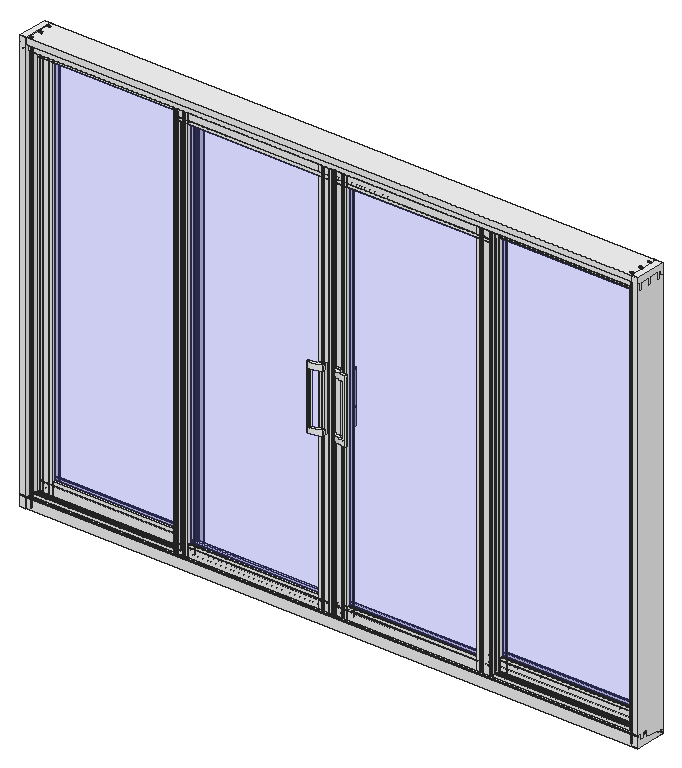
Revit family "Patio-Door_650_4-Light_OXXO_Novatech", category Doors, host Wall, Revit 2026
Family settings
  Host = Wall
  Classification Number = 23.30.10.00
  Always vertical = Yes
  Cut with Voids When Loaded = No
  Shared = No
  Room Calculation Point = No
Parameters (values of type "116 7/16"W X 79 1/2"H")
  Width Sash X = (Width / 4) + 5/8"  # 29 47/64"
  Width Sash O = (Width / 4) + 5/8"  # 29 47/64"
  Specification = "https://www.arcat.com/company/novatech-group-51586/spec"
  Product Page URL = "https://www.arcat.com/arcatcos/cos51/arc51586.html"
  Model_Sash to Reference Line = (Width - 2 37/128") / 4  # 28.53711"
  View Handle = yes
  URL = "https://www.groupenovatech.com/en_united_states/products/patio‐doors/650.html"
  Thickness = 5.75039"
  Rough Width = Width + 1/2"  # 116 15/16"
  Rough Height = Height + 1/2"  # 80"
  Panel Material = Glass
  Model = "650"
  Manufacturer = "Novatech"
  Look Handle = yes
  Keynote = "08 32 00"
  Height Sash X = Height - 3 37/64"  # 75 59/64"
  Height Sash O = Height - 3 37/64"  # 75 59/64"
  Hardware Material = Aluminum
  Handle Height = 38"
  Function = Interior
  Height = 79 1/2"
  Wall Closure = By host
  Width = 116 7/16"
  Frame Material = Aluminum
  Define Thermal Properties by = Schematic Type
  Copyright = "ARCAT"
  CAD Details = "https://www.arcat.com/company/novatech-group-51586/cad"
  Analytic Construction = "<None>"
Reference planes (in)
  plane 1 "Center (Front/Back)": y = 0
  plane 2 "Center (Left/Right)": x = 0
  plane 3 "Left": x = -58.21875
  plane 4 "Right": x = 58.21875
  plane 5 "Top": z = 79.5
  plane 6 "Exterior": y = 3
  plane 7 "Interior": y = -3
  plane 8: x = -57.07308
  plane 9: z = 1.62567
  plane 10: z = 77.54754
  plane 11: x = 57.07304
  plane 12: z = 38
  plane 13: x = -28.53711
  plane 14: x = 28.53593
  plane 15 "Panel 1": y = -1.32419
  plane 16 "Panel 2": y = 0.83998
Text (in)
  text "Exterior" at (-116.49188, 10.64061, 0), in view "Ref. Level"
  text "Interior" at (-116.49188, -4.95507, 0), in view "Ref. Level"
  text "Exterior" at (0, 40.15149, 123.01588), in view "Right"
  text "Interior" at (0, -64.39139, 123.01588), in view "Right"
  text "Interior" at (0, -31.01599, 123.00693), in view "Left"
  text "Exterior" at (0, 54.57065, 123.00693), in view "Left"
Dimensions and locks (in)
  "Model_Sash to Reference Line": plane 13 to plane 2 "Center (Left/Right)"
  "Model_Sash to Reference Line": plane 14 to plane 11
  locked: plane 3 "Left" to plane 8 at 1.14567
  locked: plane 11 to plane 4 "Right" at 1.14571
  "Height": plane 5 "Top" to level
  "Handle Height": plane 12 to level
  "Width": plane 3 "Left" to plane 4 "Right"
  equal spacing: plane 3 "Left", plane 2 "Center (Left/Right)", plane 4 "Right"
  "Height Sash O": plane 10 to plane 9
  locked: nested 9 to plane 2 "Center (Left/Right)" at 1.56964
  locked: plane 2 "Center (Left/Right)" to nested 3 at 1.48214
  locked: nested 8 to plane 2 "Center (Left/Right)" at 1.56964
  locked: plane 2 "Center (Left/Right)" to nested 2 at 1.48214
  locked: plane 15 "Panel 1" to nested 2 at 0.7697
  locked: nested 3 to plane 15 "Panel 1" at 0.88778
  locked: nested 9 to plane 15 "Panel 1" at 0.88778
  locked: plane 15 "Panel 1" to nested 8 at 0.7697
  locked: plane 7 "Interior" to plane 15 "Panel 1" at 1.67581
  locked: plane 7 "Interior" to plane 16 "Panel 2" at 3.83998
  locked: plane 9 to level at 1.62567
  aligned and locked: plane 6 "Exterior" to host wall
  aligned and locked: plane 7 "Interior" to host wall
  aligned and locked: nested 4 to plane 16 "Panel 2"
  aligned and locked: nested 7 to plane 16 "Panel 2"
  aligned and locked: nested 6 to plane 15 "Panel 1"
  aligned and locked: plane 2 "Center (Left/Right)" to nested 6
  aligned and locked: nested 5 to plane 15 "Panel 1"
  aligned and locked: nested 1 to plane 2 "Center (Left/Right)"
  aligned and locked: nested 5 to plane 2 "Center (Left/Right)"
  aligned and locked: nested 4 to plane 13
  aligned and locked: nested 5 to plane 13
  aligned and locked: nested 7 to plane 14
  aligned and locked: plane 14 to nested 6
  aligned and locked: plane 11 to nested 1
  aligned and locked: nested 1 to plane 8
  aligned and locked: plane 9 to nested 4
  aligned and locked: plane 9 to nested 5
  aligned and locked: plane 9 to nested 6
  aligned and locked: plane 9 to nested 7
  aligned and locked: nested 9 to plane 12
  aligned and locked: plane 12 to nested 3
  aligned and locked: plane 12 to nested 2
  aligned and locked: nested 8 to plane 12
Nested families (in)
  nested 1: "NOVATECH 650_4 LIGHT_DOOR FRAME" at (0, 0, 0) x (-1, 0, 0) z (0, 0, 1), type "DOOR FRAME"
    with Height 79 1/2", Width 116 7/16"
  nested 2: "NOVATECH 650_4 LIGHT_LOOK HANDLE" at (-1.48214, -2.21198, 32) x (-1, 0, 0) z (0, 0, 1), visible <- "Look Handle", type "LOOK HANDLE"
  nested 3: "NOVATECH 650_4 LIGHT_VIEW HANDLE" at (-1.48214, -2.21198, 32) x (-1, 0, 0) z (0, 0, 1), visible <- "View Handle", type "VIEW HANDLE"
  nested 4: "NOVATECH 650_4 LIGHT_SASH_O_RIGHT" at (-42.80566, 1.61149, 1.62567) x (-1, 0, 0) z (0, 0, 1), type "SASH_O_RIGHT"
    with Width 28.53711", Height 75 59/64"
  nested 5: "NOVATECH 650_4 LIGHT_SASH_X_RIGHT" at (-14.26855, -0.5545, 1.62567) x (-1, 0, 0) z (0, 0, 1), type "SASH_X_RIGHT"
    with Width 28.53711", Height 75 59/64"
  nested 6: "NOVATECH 650_4 LIGHT_SASH_X_LEFT" at (14.26855, -0.5545, 1.62567) x (-1, 0, 0) z (0, 0, 1), type "SASH_X_LEFT"
    with Height 75 59/64"
  nested 7: "NOVATECH 650_4 LIGHT_SASH_O_LEFT" at (42.80449, 1.60966, 1.6247) x (-1, 0, 0) z (0, 0, 1), type "SASH_O_LEFT"
    with Height 75 59/64"
  nested 8: "NOVATECH 650_4 LIGHT_LOOK HANDLE" at (1.56964, -2.21198, 32), visible <- "Look Handle", type "LOOK HANDLE"
  nested 9: "NOVATECH 650_4 LIGHT_VIEW HANDLE" at (1.56964, -2.21198, 32), visible <- "View Handle", type "VIEW HANDLE"
Definition of nested family "NOVATECH 650_4 LIGHT_DOOR FRAME"
  Parameters (values of type "NOVATECH 650_2 LIGHT_DOOR FRAME")
    Function = (empty or 0)
    Height = 95 1/2"
    Wall Closure = (empty or 0)
    Width = 95 1/2"
    Frame Thickness = 5.75039"
    Frame Material = none
    Define Thermal Properties by = 1
    Analytic Construction = "<None>"
  Reference planes (in)
    plane 1 "Center (Front/Back)": y = 0
    plane 2 "Center (Left/Right)": x = 0
    plane 3 "Left": x = -47.75
    plane 4 "Right": x = 47.75
    plane 5 "Top": z = 95.5
    plane 6 "Exterior": y = 4
    plane 7 "Interior": y = -4
    plane 8: y = -1.75039
  Lines and regions (in)
    Opening 1
      outline origin (-90, -4, 0) x (1, 0, 0) y (0, 0, 1)
        loop
          line (42.25, 0) -> (137.75, 0) -> (137.75, 95.5) -> (42.25, 95.5) -> (42.25, 0)
  Text (in)
    text "Exterior" at (-74.96733, 27.31104, 0), in view "Ref. Level"
    text "Interior" at (-74.96733, -25.14366, 0), in view "Ref. Level"
    text "Exterior" at (0, 40.15149, 123.01588), in view "Right"
    text "Interior" at (0, -64.39139, 123.01588), in view "Right"
    text "Interior" at (0, -31.01599, 123.00693), in view "Left"
    text "Exterior" at (0, 54.57065, 123.00693), in view "Left"
  Dimensions and locks (in)
    equal spacing: plane 3 "Left", plane 2 "Center (Left/Right)", plane 4 "Right"
    "Height": level to plane 5 "Top"
    "Width": plane 3 "Left" to plane 4 "Right"
    "Frame Thickness": plane 6 "Exterior" to plane 8
    aligned and locked: plane 3 "Left" to Opening 1 sketch curve
    aligned and locked: plane 5 "Top" to Opening 1 sketch curve  (x2)
    aligned and locked: Opening 1 sketch curve to plane 4 "Right"
    aligned and locked: Opening 1 sketch curve to level
    aligned and locked: plane 6 "Exterior" to host wall
    aligned and locked: plane 7 "Interior" to host wall
    aligned and locked: nested 1 to plane 3 "Left"
    aligned and locked: plane 4 "Right" to nested 1
    aligned and locked: nested 1 to plane 5 "Top"
    aligned and locked: level to nested 2
    aligned and locked: nested 2 to plane 3 "Left"
    aligned and locked: nested 2 to plane 4 "Right"
    aligned and locked: nested 2 to plane 6 "Exterior"
    aligned and locked: nested 1 to plane 6 "Exterior"
    aligned and locked: nested 3 to plane 6 "Exterior"
    aligned and locked: plane 3 "Left" to nested 3
    aligned and locked: nested 4 to plane 4 "Right"
    aligned and locked: plane 6 "Exterior" to nested 4
    aligned and locked: nested 4 to plane 8
    aligned and locked: plane 5 "Top" to nested 3
  Nested families (in)
    nested 1: "HEADER PROFILE" at (-47.75, -1.5627, 95.5), type "HEADER PROFILE"
      with Length 95 1/2"
    nested 2: "NOVATECH_650_2 LIGHT_SILL PROFILE" at (47.75, 4, 0) x (-1, 0, 0) z (0, 0, 1), type "SILL PROFILE"
      with built-in parameter 1001306 7.9583 (stored number, unit not read)
    nested 3: "NOVATECH 650_3 LIGHT_OXO_DOOR FRAME_LEFT" at (-47.75, 4, 0) x (0, -1, 0) z (0, 0, 1), type "NOVATECH 650_3 LIGHT_OXO_DOOR FRAME_LEFT"
      with Length 95 1/2"
    nested 4: "NOVATECH 650_2 LIGHT_DOOR FRAME_RIGHT" at (47.75, -1.75039, 0) x (0, 1, 0) z (0, 0, 1), type "NOVATECH 650_2 LIGHT_DOOR FRAME_RIGHT"
      with Length 95 1/2"
  Definition of nested family "HEADER PROFILE"
    Parameters (values of type "HEADER PROFILE")
      Length [instance] = 12"
      Frame Material = none
      Default Elevation = 0"
    Reference planes (in)
      plane 1 "Center (Front/Back)": y = -0.1877
      plane 2: z = 0
      plane 3 "Center (Left/Right)": x = 0
      plane 4: x = 12
    Forms (in)
      Extrusion 1, solid, material <- "Frame Material"
        sketch origin (0, 0, -4.50465) x (0, 1, 0) y (0, 0, 1)
          loop
            line (-0.1877, 2.64577) -> (-0.1227, 2.64577) -> (-0.1227, 3.35855) -> (0.17174, 3.35855) -> (0.17174, 2.85417) -> (0.24654, 2.85417) -> (0.24654, 3.35812) -> (0.69327, 3.35812) -> (0.69327, 2.27623)
            arc (0.69327, 2.27623) -> (0.71084, 2.2338) -> (0.75327, 2.21623) r 0.05999
            line (0.75327, 2.21623) -> (0.81426, 2.21623)
            arc (0.81426, 2.21623) -> (0.85668, 2.2338) -> (0.87425, 2.27623) r 0.05999
            line (0.87425, 2.27623) -> (0.87425, 2.33045) -> (0.82326, 2.33045) -> (0.82326, 2.26741) -> (0.76397, 2.26741)
            arc (0.76397, 2.26741) -> (0.7435, 2.28574) -> (0.75945, 2.30811) r 0.0206
            arc (0.75945, 2.30811) -> (0.77351, 2.33045) -> (0.75945, 2.35279) r 0.02478
            arc (0.75945, 2.35279) -> (0.74204, 2.37568) -> (0.75945, 2.39858) r 0.02376
            arc (0.75945, 2.39858) -> (0.77416, 2.42092) -> (0.75945, 2.44326) r 0.02431
            arc (0.75945, 2.44326) -> (0.74436, 2.46618) -> (0.75945, 2.48909) r 0.02495
            arc (0.75945, 2.48909) -> (0.77428, 2.51161) -> (0.75945, 2.53412) r 0.0245
            arc (0.75945, 2.53412) -> (0.7438, 2.55427) -> (0.75945, 2.57443) r 0.0208
            line (0.75945, 2.57443) -> (0.82326, 2.57443) -> (0.82326, 2.51143) -> (0.87425, 2.51143) -> (0.87425, 2.58509)
            arc (0.87425, 2.58509) -> (0.85916, 2.59996) -> (0.87425, 2.61483) r 0.01487
            line (0.87425, 2.61483) -> (0.87425, 3.35812) -> (2.68608, 3.35812) -> (2.68608, 2.61483)
            arc (2.68608, 2.61483) -> (2.70117, 2.59996) -> (2.68608, 2.58509) r 0.01487
            line (2.68608, 2.58509) -> (2.68608, 2.51148) -> (2.73707, 2.51148) -> (2.73707, 2.57447) -> (2.78807, 2.57447) -> (2.78807, 2.26741) -> (2.73707, 2.26741) -> (2.73707, 2.3304) -> (2.68608, 2.3304) -> (2.68608, 2.27623)
            arc (2.68608, 2.27623) -> (2.70365, 2.2338) -> (2.74607, 2.21623) r 0.05999
            line (2.74607, 2.21623) -> (2.98005, 2.21623)
            arc (2.98005, 2.21623) -> (3.02247, 2.2338) -> (3.04004, 2.27623) r 0.05999
            line (3.04004, 2.27623) -> (3.04004, 2.3304) -> (2.98905, 2.3304) -> (2.98905, 2.26741) -> (2.93805, 2.26741) -> (2.93805, 2.57447) -> (2.98905, 2.57447) -> (2.98905, 2.51148) -> (3.04004, 2.51148) -> (3.04004, 2.58509)
            arc (3.04004, 2.58509) -> (3.02495, 2.59996) -> (3.04004, 2.61483) r 0.01487
            line (3.04004, 2.61483) -> (3.04004, 3.35812) -> (4.85186, 3.35812) -> (4.85186, 2.61483)
            arc (4.85186, 2.61483) -> (4.86695, 2.59996) -> (4.85186, 2.58509) r 0.01487
            line (4.85186, 2.58509) -> (4.85186, 2.51148) -> (4.90286, 2.51148) -> (4.90286, 2.57447) -> (4.95385, 2.57447) -> (4.95385, 2.26741) -> (4.90286, 2.26741) -> (4.90286, 2.3304) -> (4.85186, 2.3304) -> (4.85186, 2.27623)
            arc (4.85186, 2.27623) -> (4.86943, 2.2338) -> (4.91186, 2.21623) r 0.05999
            line (4.91186, 2.21623) -> (5.09184, 2.21623)
            arc (5.09184, 2.21623) -> (5.12012, 2.22795) -> (5.13184, 2.25623) r 0.04
            line (5.13184, 2.25623) -> (5.13184, 3.35812) -> (5.5627, 3.35812) -> (5.5627, 4.50465) -> (-0.1877, 4.50465) -> (-0.1877, 2.64577)
        from 0 to 12
    Dimensions and locks (in)
      "Length": plane 3 "Center (Left/Right)" to plane 4
      aligned and locked: plane 2 to level
      aligned and locked: Extrusion 1 to plane 4
      aligned and locked: Extrusion 1 to plane 3 "Center (Left/Right)"
    Automatic sketch dimensions
      Extrusion 1 sketch curve to plane 1 "Center (Front/Back)" = 0"
      Extrusion 1 sketch curve to plane 1 "Center (Front/Back)" = 0.06499"  (x2)
      Extrusion 1 sketch curve to Extrusion 1 sketch curve = 0.29444"
      Extrusion 1 sketch curve to plane 1 "Center (Front/Back)" = 0.35944"
      Extrusion 1 sketch curve to Extrusion 1 sketch curve = 0.0748"  (x2)
      Extrusion 1 sketch curve to Extrusion 1 sketch curve = 0.44674"
      Extrusion 1 sketch curve to Extrusion 1 sketch curve = 0.05545"
      Extrusion 1 sketch curve to Extrusion 1 sketch curve = 0.00105"
      Extrusion 1 sketch curve to Extrusion 1 sketch curve = 0.00112"
      Extrusion 1 sketch curve to Extrusion 1 sketch curve = 0.00454"
      Extrusion 1 sketch curve to Extrusion 1 sketch curve = 0"  (x16)
      Extrusion 1 sketch curve to Extrusion 1 sketch curve = 0.00968"  (x2)
      Extrusion 1 sketch curve to Extrusion 1 sketch curve = 0.01071"
      Extrusion 1 sketch curve to Extrusion 1 sketch curve = 0.00515"  (x2)
      Extrusion 1 sketch curve to Extrusion 1 sketch curve = 0.01595"
      Extrusion 1 sketch curve to Extrusion 1 sketch curve = 0.01945"
      Extrusion 1 sketch curve to Extrusion 1 sketch curve = 0.05029"
      Extrusion 1 sketch curve to Extrusion 1 sketch curve = 0.009"  (x6)
      Extrusion 1 sketch curve to Extrusion 1 sketch curve = 0.05865"
      Extrusion 1 sketch curve to Extrusion 1 sketch curve = 13/256"  (x2)
      Extrusion 1 sketch curve to Extrusion 1 sketch curve = 0.05099"  (x11)
      Extrusion 1 sketch curve to Extrusion 1 sketch curve = 0.18098"
      Extrusion 1 sketch curve to Extrusion 1 sketch curve = 0.00022"  (x5)
      Extrusion 1 sketch curve to Extrusion 1 sketch curve = 1.81182"  (x2)
      Extrusion 1 sketch curve to Extrusion 1 sketch curve = 0.042"  (x4)
      Extrusion 1 sketch curve to Extrusion 1 sketch curve = 0.14999"  (x2)
      Extrusion 1 sketch curve to Extrusion 1 sketch curve = 0.35397"
      Extrusion 1 sketch curve to level = 1.88982"
      Extrusion 1 sketch curve to level = 2.22842"
      Extrusion 1 sketch curve to level = 2.17425"
      Extrusion 1 sketch curve to Extrusion 1 sketch curve = 0.13799"
      Extrusion 1 sketch curve to level = 1.14653"
      Extrusion 1 sketch curve to Extrusion 1 sketch curve = 0.27997"
      Extrusion 1 sketch curve to level = 2.24842"
      Extrusion 1 sketch curve to Extrusion 1 sketch curve = 0.04"
      Extrusion 1 sketch curve to Extrusion 1 sketch curve = 0.43086"
      Extrusion 1 sketch curve to Extrusion 1 sketch curve = 0.39859"
      Extrusion 1 sketch curve to Extrusion 1 sketch curve = 0.05999"
      Extrusion 1 sketch curve to Extrusion 1 sketch curve = 0.00881"  (x5)
      Extrusion 1 sketch curve to Extrusion 1 sketch curve = 0.01179"
      Extrusion 1 sketch curve to Extrusion 1 sketch curve = 0.05417"  (x2)
      Extrusion 1 sketch curve to Extrusion 1 sketch curve = 0.05422"
      Extrusion 1 sketch curve to Extrusion 1 sketch curve = 0.04244"
      Extrusion 1 sketch curve to Extrusion 1 sketch curve = 0.04523"  (x2)
      Extrusion 1 sketch curve to Extrusion 1 sketch curve = 0.04526"  (x2)
      Extrusion 1 sketch curve to Extrusion 1 sketch curve = 0.10334"
      Extrusion 1 sketch curve to Extrusion 1 sketch curve = 0.18108"  (x2)
      Extrusion 1 sketch curve to Extrusion 1 sketch curve = 0.04543"
      Extrusion 1 sketch curve to Extrusion 1 sketch curve = 0.04267"
      Extrusion 1 sketch curve to Extrusion 1 sketch curve = 0.02015"
      Extrusion 1 sketch curve to Extrusion 1 sketch curve = 0.06299"  (x3)
      Extrusion 1 sketch curve to Extrusion 1 sketch curve = 0.01062"  (x2)
      Extrusion 1 sketch curve to Extrusion 1 sketch curve = 0.02974"
      Extrusion 1 sketch curve to Extrusion 1 sketch curve = 0.01067"
      Extrusion 1 sketch curve to Extrusion 1 sketch curve = 0.01487"  (x3)
      Extrusion 1 sketch curve to Extrusion 1 sketch curve = 0.13416"
      Extrusion 1 sketch curve to Extrusion 1 sketch curve = 0.2084"
      Extrusion 1 sketch curve to Extrusion 1 sketch curve = 0.50395"
      Extrusion 1 sketch curve to Extrusion 1 sketch curve = 0.00043"
      Extrusion 1 sketch curve to Extrusion 1 sketch curve = 0.00635"  (x2)
      Extrusion 1 sketch curve to Extrusion 1 sketch curve = 0.0096"
      Extrusion 1 sketch curve to level = 0"
  Definition of nested family "NOVATECH_650_2 LIGHT_SILL PROFILE"
    Parameters (values of type "SILL PROFILE")
      built-in parameter 1001306 [instance] = 54"
      Frame Material = none
      Default Elevation = 0"
    Reference planes (in)
      plane 1 "Center (Front/Back)": y = 0
      plane 2: z = 0
      plane 3 "Left": x = 0
      plane 4 "Right": x = 54
    Forms (in)
      Extrusion 1, solid, material <- "Frame Material"
        sketch origin (0, 0, 0) x (0, 1, 0) y (0, 0, 1)
          loop
            line (-0.51031, 2.05107) -> (-0.51031, 1.25894)
            arc (-0.51031, 1.25894) -> (-0.51921, 1.23699) -> (-0.54088, 1.22746) r 0.0315
            line (-0.54088, 1.22746) -> (-1.30415, 1.20521) -> (-1.30415, 2.04337) -> (-1.3792, 2.04337) -> (-1.3792, 1.97638) -> (-1.57715, 1.97638) -> (-1.57715, 1.8474) -> (-1.52433, 1.8474) -> (-1.59223, 1.71259) -> (-1.64605, 1.71259) -> (-1.71395, 1.8474) -> (-1.66114, 1.8474) -> (-1.66114, 1.97638) -> (-1.85908, 1.97638) -> (-1.85908, 2.04337) -> (-1.93407, 2.04337) -> (-1.93407, 1.62567) -> (-1.85533, 1.69843) -> (-1.85533, 1.18737) -> (-3.44062, 0.97537) -> (-3.45769, 0.94258) -> (-3.54406, 0.94258) -> (-3.5602, 0.96937) -> (-4.50972, 0.81773) -> (-4.50079, 0.76177) -> (-4.44239, 0.7718) -> (-4.43207, 0.70721) -> (-5.49309, 0.52501) -> (-5.48367, 0.46549) -> (-5.45069, 0.44053) -> (-5.42753, 0.29944) -> (-5.61415, 0.29941) -> (-5.61415, 0.41369) -> (-5.58012, 0.44773) -> (-5.58978, 0.50872) -> (-5.67335, 0.49538) -> (-5.67335, 0) -> (0, 0) -> (0, 1.954) -> (0, 2.05107)
            arc (0, 2.05107) -> (-0.00923, 2.07334) -> (-0.0315, 2.08257) r 0.0315
            line (-0.0315, 2.08257) -> (-0.47881, 2.08257)
            arc (-0.47881, 2.08257) -> (-0.50108, 2.07334) -> (-0.51031, 2.05107) r 0.0315
          loop
            line (-1.39867, 1.98468) -> (-1.39867, 2.04331) -> (-1.52465, 2.04331) -> (-1.52465, 2.1063)
            arc (-1.52465, 2.1063) -> (-1.61914, 2.20079) -> (-1.71363, 2.1063) r 0.09449
            line (-1.71363, 2.1063) -> (-1.71363, 2.04331) -> (-1.83961, 2.04331) -> (-1.83961, 1.98468) -> (-1.65261, 1.98468) -> (-1.65261, 1.83771) -> (-1.68363, 1.83771) -> (-1.64626, 1.77444)
            arc (-1.64626, 1.77444) -> (-1.61914, 1.75897) -> (-1.59202, 1.77444) r 0.0315
            line (-1.59202, 1.77444) -> (-1.55465, 1.83771) -> (-1.58568, 1.83771) -> (-1.58568, 1.98468) -> (-1.39867, 1.98468)
          loop
            line (-5.75032, 0.29541) -> (-5.69142, 0.29541) -> (-5.68546, 0.5099) -> (-5.5794, 0.52278) -> (-5.5685, 0.41744) -> (-5.60091, 0.41231) -> (-5.55069, 0.35685)
            arc (-5.55069, 0.35685) -> (-5.52103, 0.34524) -> (-5.49641, 0.36544) r 0.0315
            line (-5.49641, 0.36544) -> (-5.46793, 0.4316) -> (-5.4987, 0.42842) -> (-5.51008, 0.53771) -> (-4.44588, 0.72014) -> (-4.4527, 0.76282) -> (-4.64502, 0.72942) -> (-4.64018, 0.81948)
            arc (-4.64018, 0.81948) -> (-4.61638, 0.82255) -> (-4.61323, 0.84634) r 0.01969
            line (-4.61323, 0.84634) -> (-4.63028, 0.87587) -> (-4.70331, 0.87587) -> (-4.70331, 0.71953) -> (-5.32867, 0.61294) -> (-5.32867, 0.78116)
            arc (-5.32867, 0.78116) -> (-5.3584, 0.81088) -> (-5.38812, 0.78116) r 0.02972
            line (-5.38812, 0.78116) -> (-5.39303, 0.60235) -> (-5.75032, 0.54145) -> (-5.75032, 0.29541)
        from 0 to 54
    Lines and regions (in)
      reference lines
        curve 1: line (0, 0, 0) -> (54, 0, 0)
    Dimensions and locks (in)
      "built-in parameter 1001306": plane 3 "Left" to plane 4 "Right"
      aligned and locked: plane 4 "Right" to curve 1
      aligned and locked: plane 1 "Center (Front/Back)" to curve 1
      aligned and locked: plane 3 "Left" to curve 1
      aligned and locked: level to plane 2
      aligned and locked: Extrusion 1 to curve 1
      aligned and locked: Extrusion 1 to plane 3 "Left"
    Automatic sketch dimensions
      level to Extrusion 1 sketch curve = 0.29541"
      plane 1 "Center (Front/Back)" to Extrusion 1 sketch curve = 5.75032"
      Extrusion 1 sketch curve to Extrusion 1 sketch curve = 0.0589"
      level to Extrusion 1 sketch curve = 0.5099"
      Extrusion 1 sketch curve to Extrusion 1 sketch curve = 0.06487"
      level to Extrusion 1 sketch curve = 0.41231"
      Extrusion 1 sketch curve to Extrusion 1 sketch curve = 0.08454"
      level to Extrusion 1 sketch curve = 0.52278"
      Extrusion 1 sketch curve to Extrusion 1 sketch curve = 0.02151"
      level to Extrusion 1 sketch curve = 0.41744"
      Extrusion 1 sketch curve to Extrusion 1 sketch curve = 0.03241"
      level to Extrusion 1 sketch curve = 0.35685"
      Extrusion 1 sketch curve to Extrusion 1 sketch curve = 0.01781"
      Extrusion 1 sketch curve to Extrusion 1 sketch curve = 0.02473"
      level to Extrusion 1 sketch curve = 0.53771"
      Extrusion 1 sketch curve to Extrusion 1 sketch curve = 0.06932"
      level to Extrusion 1 sketch curve = 0.42842"
      Extrusion 1 sketch curve to Extrusion 1 sketch curve = 0.02726"
      level to Extrusion 1 sketch curve = 0.36544"
      Extrusion 1 sketch curve to Extrusion 1 sketch curve = 0.02955"
      level to Extrusion 1 sketch curve = 0.4316"
      Extrusion 1 sketch curve to Extrusion 1 sketch curve = 0.03077"
      level to Extrusion 1 sketch curve = 0.60235"
      Extrusion 1 sketch curve to Extrusion 1 sketch curve = 0.11705"
      level to Extrusion 1 sketch curve = 0.78116"
      Extrusion 1 sketch curve to Extrusion 1 sketch curve = 0.00491"
      Extrusion 1 sketch curve to Extrusion 1 sketch curve = 0.02972"
      Extrusion 1 sketch curve to Extrusion 1 sketch curve = 0.62536"
      level to Extrusion 1 sketch curve = 0.72942"
      Extrusion 1 sketch curve to Extrusion 1 sketch curve = 0.05829"
      level to Extrusion 1 sketch curve = 0.81948"
      Extrusion 1 sketch curve to Extrusion 1 sketch curve = 0.06314"
      Extrusion 1 sketch curve to Extrusion 1 sketch curve = 0.0099"
      Extrusion 1 sketch curve to Extrusion 1 sketch curve = 0"  (x3)
      level to Extrusion 1 sketch curve = 0.84634"
      Extrusion 1 sketch curve to Extrusion 1 sketch curve = 0.01705"
      level to Extrusion 1 sketch curve = 0.49538"
      level to Extrusion 1 sketch curve = 0"
      Extrusion 1 sketch curve to Extrusion 1 sketch curve = 0.0592"
      level to Extrusion 1 sketch curve = 0.50872"
      Extrusion 1 sketch curve to Extrusion 1 sketch curve = 0.02438"
      level to Extrusion 1 sketch curve = 0.44773"
      Extrusion 1 sketch curve to Extrusion 1 sketch curve = 0.03404"  (x2)
      level to Extrusion 1 sketch curve = 0.52501"
      Extrusion 1 sketch curve to Extrusion 1 sketch curve = 0.09669"
      level to Extrusion 1 sketch curve = 0.46549"
      Extrusion 1 sketch curve to Extrusion 1 sketch curve = 0.00941"
      level to Extrusion 1 sketch curve = 0.44053"
      Extrusion 1 sketch curve to Extrusion 1 sketch curve = 0.03299"
      level to Extrusion 1 sketch curve = 0.29944"
      Extrusion 1 sketch curve to Extrusion 1 sketch curve = 0.02316"
      Extrusion 1 sketch curve to Extrusion 1 sketch curve = 0.94096"
      level to Extrusion 1 sketch curve = 0.76177"
      Extrusion 1 sketch curve to Extrusion 1 sketch curve = 0.00894"
      Extrusion 1 sketch curve to Extrusion 1 sketch curve = 0.0584"
      level to Extrusion 1 sketch curve = 0.70721"
      Extrusion 1 sketch curve to Extrusion 1 sketch curve = 0.01031"  (x2)
      plane 1 "Center (Front/Back)" to Extrusion 1 sketch curve = 3.5602"
      Extrusion 1 sketch curve to Extrusion 1 sketch curve = 0.01614"
      Extrusion 1 sketch curve to Extrusion 1 sketch curve = 0.08636"
      Extrusion 1 sketch curve to Extrusion 1 sketch curve = 0.01707"
      Extrusion 1 sketch curve to Extrusion 1 sketch curve = 0.07499"
      Extrusion 1 sketch curve to Extrusion 1 sketch curve = 0.07874"  (x2)
      Extrusion 1 sketch curve to Extrusion 1 sketch curve = 0.01946"  (x2)
      Extrusion 1 sketch curve to Extrusion 1 sketch curve = 0.12566"
      Extrusion 1 sketch curve to Extrusion 1 sketch curve = 0.12598"  (x2)
      Extrusion 1 sketch curve to Extrusion 1 sketch curve = 0.03032"  (x2)
      Extrusion 1 sketch curve to Extrusion 1 sketch curve = 0.05249"
      Extrusion 1 sketch curve to Extrusion 1 sketch curve = 0.00853"  (x2)
      Extrusion 1 sketch curve to Extrusion 1 sketch curve = 0.00635"
      Extrusion 1 sketch curve to Extrusion 1 sketch curve = 0.0002"
      Extrusion 1 sketch curve to Extrusion 1 sketch curve = 0.02712"  (x2)
      Extrusion 1 sketch curve to Extrusion 1 sketch curve = 0.09449"
      Extrusion 1 sketch curve to Extrusion 1 sketch curve = 0.05383"
      Extrusion 1 sketch curve to Extrusion 1 sketch curve = 0.03346"
      Extrusion 1 sketch curve to Extrusion 1 sketch curve = 0.0225"
      Extrusion 1 sketch curve to Extrusion 1 sketch curve = 0.07505"
      Extrusion 1 sketch curve to Extrusion 1 sketch curve = 0.76235"
      Extrusion 1 sketch curve to Extrusion 1 sketch curve = 0.00092"
      Extrusion 1 sketch curve to Extrusion 1 sketch curve = 0.0315"  (x3)
      Extrusion 1 sketch curve to Extrusion 1 sketch curve = 0.44731"
      Extrusion 1 sketch curve to Extrusion 1 sketch curve = 0.54088"
      Extrusion 1 sketch curve to Extrusion 1 sketch curve = 0.14832"
      Extrusion 1 sketch curve to Extrusion 1 sketch curve = 0.03155"
      Extrusion 1 sketch curve to Extrusion 1 sketch curve = 0.01059"
      Extrusion 1 sketch curve to Extrusion 1 sketch curve = 0.05596"
      Extrusion 1 sketch curve to Extrusion 1 sketch curve = 0.00989"
      Extrusion 1 sketch curve to Extrusion 1 sketch curve = 0.02679"
      Extrusion 1 sketch curve to Extrusion 1 sketch curve = 0.03279"
      Extrusion 1 sketch curve to Extrusion 1 sketch curve = 0.03937"
      level to Extrusion 1 sketch curve = 1.18737"
      Extrusion 1 sketch curve to Extrusion 1 sketch curve = 0.01784"
      Extrusion 1 sketch curve to Extrusion 1 sketch curve = 0.02225"
      Extrusion 1 sketch curve to Extrusion 1 sketch curve = 0.4383"
      Extrusion 1 sketch curve to Extrusion 1 sketch curve = 0.07277"
      Extrusion 1 sketch curve to Extrusion 1 sketch curve = 0.01416"
      Extrusion 1 sketch curve to Extrusion 1 sketch curve = 0.06185"
      Extrusion 1 sketch curve to Extrusion 1 sketch curve = 0.01602"
      Extrusion 1 sketch curve to Extrusion 1 sketch curve = 0.69506"
      Extrusion 1 sketch curve to Extrusion 1 sketch curve = 0.06326"  (x2)
      Extrusion 1 sketch curve to Extrusion 1 sketch curve = 0.0097"  (x2)
      Extrusion 1 sketch curve to Extrusion 1 sketch curve = 0.12897"  (x2)
      Extrusion 1 sketch curve to Extrusion 1 sketch curve = 0.0083"  (x2)
      Extrusion 1 sketch curve to Extrusion 1 sketch curve = 0.05863"  (x2)
      Extrusion 1 sketch curve to Extrusion 1 sketch curve = 0.00006"  (x2)
      Extrusion 1 sketch curve to Extrusion 1 sketch curve = 0.06299"
      Extrusion 1 sketch curve to Extrusion 1 sketch curve = 0.0121"
      level to Extrusion 1 sketch curve = 0.76282"
      Extrusion 1 sketch curve to Extrusion 1 sketch curve = 0.01381"
      Extrusion 1 sketch curve to Extrusion 1 sketch curve = 0.00898"
      level to Extrusion 1 sketch curve = 0.72014"
      Extrusion 1 sketch curve to Extrusion 1 sketch curve = 0.09707"
      plane 1 "Center (Front/Back)" to Extrusion 1 sketch curve = 0"
  Definition of nested family "NOVATECH 650_3 LIGHT_OXO_DOOR FRAME_LEFT"
    Parameters (values of type "NOVATECH 650_3 LIGHT_OXO_DOOR FRAME_LEFT")
      Length [instance] = 95 1/2"
      Frame Material = none
      Default Elevation = 0"
    Reference planes (in)
      plane 1 "Center (Front/Back)": y = 0
      plane 2: z = 0
      plane 3 "Center (Left/Right)": x = 0
      plane 4: z = 95.5
    Forms (in)
      Extrusion 1, solid, material <- "Frame Material"
        sketch origin (0, 0, 0) x (1, 0, 0) y (0, 1, 0)
          loop
            line (5.75039, -1.55807) -> (5.75039, 0) -> (0, 0) -> (0, -1.14567) -> (0.52996, -1.14567) -> (0.52996, -1.84929)
            arc (0.52996, -1.84929) -> (0.54753, -1.89171) -> (0.58996, -1.90928) r 0.05999
            line (0.58996, -1.90928) -> (0.65095, -1.90928)
            arc (0.65095, -1.90928) -> (0.69337, -1.89171) -> (0.71094, -1.84929) r 0.05999
            line (0.71094, -1.84929) -> (0.71094, -1.79506) -> (0.65995, -1.79506) -> (0.65995, -1.8581) -> (0.5961, -1.8581)
            arc (0.5961, -1.8581) -> (0.58017, -1.83775) -> (0.5961, -1.8174) r 0.02096
            arc (0.5961, -1.8174) -> (0.61179, -1.79506) -> (0.5961, -1.77272) r 0.02375
            arc (0.5961, -1.77272) -> (0.58003, -1.74983) -> (0.5961, -1.72694) r 0.02434
            arc (0.5961, -1.72694) -> (0.61092, -1.70459) -> (0.5961, -1.68225) r 0.02426
            arc (0.5961, -1.68225) -> (0.58091, -1.65934) -> (0.5961, -1.63642) r 0.02487
            arc (0.5961, -1.63642) -> (0.61092, -1.61408) -> (0.5961, -1.59174) r 0.02426
            arc (0.5961, -1.59174) -> (0.58047, -1.57141) -> (0.5961, -1.55109) r 0.02103
            line (0.5961, -1.55109) -> (0.65995, -1.55109) -> (0.65995, -1.61408) -> (0.71094, -1.61408) -> (0.71094, -1.14086) -> (2.52258, -1.14086) -> (2.52258, -1.614) -> (2.57376, -1.614) -> (2.57376, -1.55101) -> (2.62495, -1.55101) -> (2.62495, -1.8581) -> (2.57376, -1.8581) -> (2.57376, -1.79511) -> (2.52258, -1.79511) -> (2.52258, -1.85022)
            arc (2.52258, -1.85022) -> (2.53988, -1.89198) -> (2.58164, -1.90928) r 0.05906
            line (2.58164, -1.90928) -> (2.81786, -1.90928)
            arc (2.81786, -1.90928) -> (2.85962, -1.89198) -> (2.87691, -1.85022) r 0.05906
            line (2.87691, -1.85022) -> (2.87691, -1.79511) -> (2.82573, -1.79511) -> (2.82573, -1.8581) -> (2.77455, -1.8581) -> (2.77455, -1.55101) -> (2.82573, -1.55101) -> (2.82573, -1.614) -> (2.87691, -1.614) -> (2.87691, -1.14571) -> (4.68855, -1.14571) -> (4.68855, -1.57471) -> (4.73955, -1.57471) -> (4.73955, -1.51171) -> (4.80336, -1.51171)
            arc (4.80336, -1.51171) -> (4.81949, -1.53204) -> (4.80336, -1.55237) r 0.02087
            arc (4.80336, -1.55237) -> (4.78919, -1.57471) -> (4.80336, -1.59705) r 0.0247
            arc (4.80336, -1.59705) -> (4.82118, -1.61996) -> (4.80336, -1.64288) r 0.02365
            arc (4.80336, -1.64288) -> (4.78896, -1.66522) -> (4.80336, -1.68756) r 0.02453
            arc (4.80336, -1.68756) -> (4.82091, -1.71046) -> (4.80336, -1.73335) r 0.02371
            arc (4.80336, -1.73335) -> (4.78849, -1.75544) -> (4.80336, -1.77752) r 0.02384
            arc (4.80336, -1.77752) -> (4.81975, -1.79813) -> (4.80336, -1.81873) r 0.02114
            line (4.80336, -1.81873) -> (4.73955, -1.81873) -> (4.73955, -1.75569) -> (4.68855, -1.75569) -> (4.68855, -1.80992)
            arc (4.68855, -1.80992) -> (4.70612, -1.85234) -> (4.74855, -1.86991) r 0.05999
            line (4.74855, -1.86991) -> (4.80954, -1.86991)
            arc (4.80954, -1.86991) -> (4.85196, -1.85234) -> (4.86954, -1.80991) r 0.05999
            line (4.86954, -1.80991) -> (4.86954, -1.14567) -> (5.68543, -1.14567) -> (5.68543, -1.55807)
            arc (5.68543, -1.55807) -> (5.71791, -1.59055) -> (5.75039, -1.55807) r 0.03248
        from 0 to 95.5
    Dimensions and locks (in)
      "Length": plane 4 to plane 2
      aligned and locked: plane 2 to level
      aligned and locked: plane 4 to Extrusion 1
      aligned and locked: Extrusion 1 to plane 2
    Automatic sketch dimensions
      plane 1 "Center (Front/Back)" to Extrusion 1 sketch curve = 0"
      Extrusion 1 sketch curve to plane 3 "Center (Left/Right)" = 0"
      Extrusion 1 sketch curve to Extrusion 1 sketch curve = 0"  (x16)
      Extrusion 1 sketch curve to Extrusion 1 sketch curve = 0.52996"
      Extrusion 1 sketch curve to Extrusion 1 sketch curve = 0.0567"
      Extrusion 1 sketch curve to Extrusion 1 sketch curve = 0.05807"
      Extrusion 1 sketch curve to Extrusion 1 sketch curve = 0.00192"
      Extrusion 1 sketch curve to Extrusion 1 sketch curve = 0.00944"  (x3)
      Extrusion 1 sketch curve to Extrusion 1 sketch curve = 0.00615"  (x3)
      Extrusion 1 sketch curve to Extrusion 1 sketch curve = 0.01118"
      Extrusion 1 sketch curve to Extrusion 1 sketch curve = 0.00539"  (x2)
      Extrusion 1 sketch curve to Extrusion 1 sketch curve = 0.01634"
      Extrusion 1 sketch curve to Extrusion 1 sketch curve = 0.01912"
      Extrusion 1 sketch curve to Extrusion 1 sketch curve = 0.04981"
      Extrusion 1 sketch curve to Extrusion 1 sketch curve = 0.05845"
      Extrusion 1 sketch curve to Extrusion 1 sketch curve = 0.009"  (x4)
      Extrusion 1 sketch curve to Extrusion 1 sketch curve = 0.18098"  (x2)
      Extrusion 1 sketch curve to Extrusion 1 sketch curve = 0.05099"  (x5)
      Extrusion 1 sketch curve to Extrusion 1 sketch curve = 1.81164"
      Extrusion 1 sketch curve to Extrusion 1 sketch curve = 0.05118"  (x7)
      Extrusion 1 sketch curve to Extrusion 1 sketch curve = 0.00787"  (x6)
      Extrusion 1 sketch curve to Extrusion 1 sketch curve = 0.04331"  (x2)
      Extrusion 1 sketch curve to Extrusion 1 sketch curve = 0.14961"  (x2)
      Extrusion 1 sketch curve to Extrusion 1 sketch curve = 0.35433"
      plane 3 "Center (Left/Right)" to Extrusion 1 sketch curve = 4.68855"  (x3)
      Extrusion 1 sketch curve to Extrusion 1 sketch curve = 0.05765"
      Extrusion 1 sketch curve to Extrusion 1 sketch curve = 0.05798"
      Extrusion 1 sketch curve to Extrusion 1 sketch curve = 0.05006"
      Extrusion 1 sketch curve to Extrusion 1 sketch curve = 0.05907"
      Extrusion 1 sketch curve to Extrusion 1 sketch curve = 0.00474"  (x2)
      Extrusion 1 sketch curve to Extrusion 1 sketch curve = 0.00475"
      Extrusion 1 sketch curve to Extrusion 1 sketch curve = 0.00619"  (x2)
      Extrusion 1 sketch curve to Extrusion 1 sketch curve = 0.01373"
      Extrusion 1 sketch curve to Extrusion 1 sketch curve = 0.01597"
      Extrusion 1 sketch curve to Extrusion 1 sketch curve = 0.01527"
      Extrusion 1 sketch curve to Extrusion 1 sketch curve = 0.05999"
      Extrusion 1 sketch curve to Extrusion 1 sketch curve = 0.8159"
      Extrusion 1 sketch curve to Extrusion 1 sketch curve = 0.03248"
      Extrusion 1 sketch curve to Extrusion 1 sketch curve = 0.06496"
      Extrusion 1 sketch curve to Extrusion 1 sketch curve = 1.14086"
      Extrusion 1 sketch curve to Extrusion 1 sketch curve = 0.00481"  (x2)
      Extrusion 1 sketch curve to Extrusion 1 sketch curve = 0.00004"
      Extrusion 1 sketch curve to Extrusion 1 sketch curve = 0.36605"
      Extrusion 1 sketch curve to Extrusion 1 sketch curve = 0.02033"  (x2)
      Extrusion 1 sketch curve to Extrusion 1 sketch curve = 0.4053"
      Extrusion 1 sketch curve to Extrusion 1 sketch curve = 0.41023"
      Extrusion 1 sketch curve to Extrusion 1 sketch curve = 0.4124"
      Extrusion 1 sketch curve to Extrusion 1 sketch curve = 0.04267"  (x2)
      Extrusion 1 sketch curve to Extrusion 1 sketch curve = 0.06299"  (x4)
      Extrusion 1 sketch curve to Extrusion 1 sketch curve = 0.04526"  (x4)
      Extrusion 1 sketch curve to Extrusion 1 sketch curve = 0.04523"  (x4)
      Extrusion 1 sketch curve to Extrusion 1 sketch curve = 0.04498"
      Extrusion 1 sketch curve to Extrusion 1 sketch curve = 0.00025"
      Extrusion 1 sketch curve to Extrusion 1 sketch curve = 0.1811"  (x2)
      Extrusion 1 sketch curve to Extrusion 1 sketch curve = 0.04269"  (x2)
      Extrusion 1 sketch curve to Extrusion 1 sketch curve = 0.01179"  (x2)
      Extrusion 1 sketch curve to Extrusion 1 sketch curve = 0.05422"  (x2)
      Extrusion 1 sketch curve to Extrusion 1 sketch curve = 0.00881"  (x2)
      Extrusion 1 sketch curve to Extrusion 1 sketch curve = 0.01154"  (x2)
      Extrusion 1 sketch curve to Extrusion 1 sketch curve = 0.05512"  (x4)
      Extrusion 1 sketch curve to Extrusion 1 sketch curve = 1.14567"
      Extrusion 1 sketch curve to Extrusion 1 sketch curve = 0.00807"
      Extrusion 1 sketch curve to Extrusion 1 sketch curve = 0.00583"  (x2)
  Definition of nested family "NOVATECH 650_2 LIGHT_DOOR FRAME_RIGHT"
    Parameters (values of type "NOVATECH 650_2 LIGHT_DOOR FRAME_RIGHT")
      Length = 79 1/2"
      Frame Material = none
      Default Elevation = 0"
    Reference planes (in)
      plane 1 "Center (Front/Back)": y = 0
      plane 2: z = 0
      plane 3 "Center (Left/Right)": x = 0
      plane 4: z = 79.5
    Forms (in)
      Extrusion 1, solid, material <- "Frame Material"
        sketch origin (0, 0, 0) x (1, 0, 0) y (0, 1, 0)
          loop
            arc (0, -1.55807) -> (0.03248, -1.59055) -> (0.06496, -1.55807) r 0.03248
            line (0.06496, -1.55807) -> (0.06496, -1.14567) -> (0.14359, -1.14567) -> (0.88086, -1.14567) -> (0.88086, -1.80992)
            arc (0.88086, -1.80992) -> (0.89843, -1.85234) -> (0.94085, -1.86991) r 0.05999
            line (0.94085, -1.86991) -> (1.00185, -1.86991)
            arc (1.00185, -1.86991) -> (1.04427, -1.85234) -> (1.06184, -1.80992) r 0.05999
            line (1.06184, -1.80992) -> (1.06184, -1.75569) -> (1.01085, -1.75569) -> (1.01085, -1.81873) -> (0.94704, -1.81873)
            arc (0.94704, -1.81873) -> (0.93078, -1.79817) -> (0.94704, -1.77761) r 0.02113
            arc (0.94704, -1.77761) -> (0.9611, -1.75548) -> (0.94704, -1.73335) r 0.02444
            arc (0.94704, -1.73335) -> (0.93001, -1.71046) -> (0.94704, -1.68756) r 0.02391
            arc (0.94704, -1.68756) -> (0.96117, -1.66522) -> (0.94704, -1.64288) r 0.02472
            arc (0.94704, -1.64288) -> (0.93004, -1.61992) -> (0.94704, -1.59695) r 0.02401
            arc (0.94704, -1.59695) -> (0.96121, -1.57485) -> (0.94704, -1.55274) r 0.02433
            arc (0.94704, -1.55274) -> (0.93131, -1.53223) -> (0.94704, -1.51172) r 0.02124
            line (0.94704, -1.51172) -> (1.01085, -1.51172) -> (1.01085, -1.57471) -> (1.06184, -1.57471) -> (1.06184, -1.14567) -> (2.87348, -1.14567) -> (2.87348, -1.614) -> (2.92466, -1.614) -> (2.92466, -1.55101) -> (2.97584, -1.55101) -> (2.97584, -1.8581) -> (2.92466, -1.8581) -> (2.92466, -1.79511) -> (2.87348, -1.79511) -> (2.87348, -1.85023)
            arc (2.87348, -1.85023) -> (2.89078, -1.89198) -> (2.93253, -1.90928) r 0.05906
            line (2.93253, -1.90928) -> (3.16875, -1.90928)
            arc (3.16875, -1.90928) -> (3.21051, -1.89198) -> (3.22781, -1.85023) r 0.05906
            line (3.22781, -1.85023) -> (3.22781, -1.79511) -> (3.17663, -1.79511) -> (3.17663, -1.8581) -> (3.12545, -1.8581) -> (3.12545, -1.55101) -> (3.17663, -1.55101) -> (3.17663, -1.614) -> (3.22781, -1.614) -> (3.22781, -1.14567) -> (5.03945, -1.14567) -> (5.03945, -1.61408) -> (5.09044, -1.61408) -> (5.09044, -1.55109) -> (5.15429, -1.55109)
            arc (5.15429, -1.55109) -> (5.1703, -1.57141) -> (5.15429, -1.59174) r 0.02091
            arc (5.15429, -1.59174) -> (5.13875, -1.61408) -> (5.15429, -1.63642) r 0.02383
            arc (5.15429, -1.63642) -> (5.17023, -1.65934) -> (5.15429, -1.68225) r 0.02444
            arc (5.15429, -1.68225) -> (5.13995, -1.70459) -> (5.15429, -1.72694) r 0.02458
            arc (5.15429, -1.72694) -> (5.17124, -1.74983) -> (5.15429, -1.77272) r 0.02393
            arc (5.15429, -1.77272) -> (5.13989, -1.79506) -> (5.15429, -1.81741) r 0.02453
            arc (5.15429, -1.81741) -> (5.1707, -1.83775) -> (5.15429, -1.8581) r 0.02082
            line (5.15429, -1.8581) -> (5.09044, -1.8581) -> (5.09044, -1.79506) -> (5.03945, -1.79506) -> (5.03945, -1.84929)
            arc (5.03945, -1.84929) -> (5.05702, -1.89171) -> (5.09944, -1.90928) r 0.05999
            line (5.09944, -1.90928) -> (5.16044, -1.90928)
            arc (5.16044, -1.90928) -> (5.20286, -1.89171) -> (5.22043, -1.84929) r 0.05999
            line (5.22043, -1.84929) -> (5.22043, -1.14567) -> (5.75039, -1.14567) -> (5.75039, 0) -> (0, 0) -> (0, -1.55807)
        from 0 to 79.5
    Dimensions and locks (in)
      "Length": plane 4 to level
      aligned and locked: plane 2 to level
      aligned and locked: Extrusion 1 to level
      aligned and locked: plane 4 to Extrusion 1
    Automatic sketch dimensions
      plane 3 "Center (Left/Right)" to Extrusion 1 sketch curve = 0"
      Extrusion 1 sketch curve to Extrusion 1 sketch curve = 0.03248"
      Extrusion 1 sketch curve to Extrusion 1 sketch curve = 0.07863"
      Extrusion 1 sketch curve to Extrusion 1 sketch curve = 0.73727"
      Extrusion 1 sketch curve to Extrusion 1 sketch curve = 0.05559"
      Extrusion 1 sketch curve to Extrusion 1 sketch curve = 0.05581"
      Extrusion 1 sketch curve to Extrusion 1 sketch curve = 0.00044"
      Extrusion 1 sketch curve to Extrusion 1 sketch curve = 0.00419"
      Extrusion 1 sketch curve to Extrusion 1 sketch curve = 0"  (x11)
      Extrusion 1 sketch curve to Extrusion 1 sketch curve = 0.00619"
      Extrusion 1 sketch curve to Extrusion 1 sketch curve = 0.01015"
      Extrusion 1 sketch curve to Extrusion 1 sketch curve = 0.01105"
      Extrusion 1 sketch curve to Extrusion 1 sketch curve = 0.00551"  (x2)
      Extrusion 1 sketch curve to Extrusion 1 sketch curve = 0.01726"
      Extrusion 1 sketch curve to Extrusion 1 sketch curve = 0.01717"
      Extrusion 1 sketch curve to Extrusion 1 sketch curve = 0.04994"
      Extrusion 1 sketch curve to Extrusion 1 sketch curve = 0.009"  (x3)
      Extrusion 1 sketch curve to Extrusion 1 sketch curve = 0.05829"
      Extrusion 1 sketch curve to Extrusion 1 sketch curve = 0.05099"  (x5)
      Extrusion 1 sketch curve to Extrusion 1 sketch curve = 0.18098"  (x2)
      Extrusion 1 sketch curve to Extrusion 1 sketch curve = 1.81164"  (x2)
      Extrusion 1 sketch curve to Extrusion 1 sketch curve = 0.05118"  (x6)
      Extrusion 1 sketch curve to Extrusion 1 sketch curve = 0.00787"  (x4)
      Extrusion 1 sketch curve to Extrusion 1 sketch curve = 0.14961"
      Extrusion 1 sketch curve to Extrusion 1 sketch curve = 0.04331"
      Extrusion 1 sketch curve to Extrusion 1 sketch curve = 0.05534"
      Extrusion 1 sketch curve to Extrusion 1 sketch curve = 0.05687"
      Extrusion 1 sketch curve to Extrusion 1 sketch curve = 0.05895"
      Extrusion 1 sketch curve to Extrusion 1 sketch curve = 0.05044"
      Extrusion 1 sketch curve to Extrusion 1 sketch curve = 0.0044"
      Extrusion 1 sketch curve to Extrusion 1 sketch curve = 0.0049"  (x2)
      Extrusion 1 sketch curve to Extrusion 1 sketch curve = 0.00615"  (x2)
      Extrusion 1 sketch curve to Extrusion 1 sketch curve = 0.01319"
      Extrusion 1 sketch curve to Extrusion 1 sketch curve = 0.01454"
      Extrusion 1 sketch curve to Extrusion 1 sketch curve = 0.01722"
      plane 1 "Center (Front/Back)" to Extrusion 1 sketch curve = 1.14567"
      Extrusion 1 sketch curve to Extrusion 1 sketch curve = 0.52996"
      Extrusion 1 sketch curve to Extrusion 1 sketch curve = 0.36605"
      Extrusion 1 sketch curve to Extrusion 1 sketch curve = 0.02051"
      Extrusion 1 sketch curve to Extrusion 1 sketch curve = 0.40534"
      Extrusion 1 sketch curve to Extrusion 1 sketch curve = 0.40542"
      Extrusion 1 sketch curve to Extrusion 1 sketch curve = 0.4124"
      Extrusion 1 sketch curve to Extrusion 1 sketch curve = 0.02033"
      Extrusion 1 sketch curve to Extrusion 1 sketch curve = 0.06299"  (x4)
      Extrusion 1 sketch curve to Extrusion 1 sketch curve = 0.04262"
      Extrusion 1 sketch curve to Extrusion 1 sketch curve = 0.04267"
      Extrusion 1 sketch curve to Extrusion 1 sketch curve = 0.04507"
      Extrusion 1 sketch curve to Extrusion 1 sketch curve = 0.04526"  (x2)
      Extrusion 1 sketch curve to Extrusion 1 sketch curve = 0.0453"
      Extrusion 1 sketch curve to Extrusion 1 sketch curve = 0.04523"  (x5)
      Extrusion 1 sketch curve to Extrusion 1 sketch curve = 0.04503"
      Extrusion 1 sketch curve to Extrusion 1 sketch curve = 0.1811"  (x2)
      Extrusion 1 sketch curve to Extrusion 1 sketch curve = 0.04269"  (x2)
      Extrusion 1 sketch curve to Extrusion 1 sketch curve = 0.01175"
      Extrusion 1 sketch curve to Extrusion 1 sketch curve = 0.05422"  (x2)
      Extrusion 1 sketch curve to Extrusion 1 sketch curve = 0.00881"  (x2)
      Extrusion 1 sketch curve to Extrusion 1 sketch curve = 0.01153"  (x2)
      Extrusion 1 sketch curve to Extrusion 1 sketch curve = 0.05512"
      Extrusion 1 sketch curve to Extrusion 1 sketch curve = 1.14567"
      Extrusion 1 sketch curve to Extrusion 1 sketch curve = 0.00486"
      Extrusion 1 sketch curve to Extrusion 1 sketch curve = 0.00688"  (x2)
      Extrusion 1 sketch curve to Extrusion 1 sketch curve = 0.00702"
      Extrusion 1 sketch curve to Extrusion 1 sketch curve = 0.0085"
      Extrusion 1 sketch curve to Extrusion 1 sketch curve = 0.00698"  (x2)
Definition of nested family "NOVATECH 650_4 LIGHT_LOOK HANDLE"
  Parameters (values of type "LOOK HANDLE")
    View Handle = yes
    Look Handle = yes
    Hardware Finish = none
    Handle Length [instance] = 12"
    Default Elevation = 0"
  Reference planes (in)
    plane 1 "Center (Front/Back)": y = 0
    plane 2: z = 0
    plane 3 "Center (Left/Right)": x = 0
    plane 4: z = 12
    plane 5: z = 11
    plane 6: z = 1
    plane 7: z = 6
  Forms (in)
    Extrusion 1, solid, material <- "Hardware Finish", visible <- "Look Handle"
      sketch origin (-2.75609, 4.10702, 0) x (1, 0, 0) y (0, 1, 0)
        loop
          line (2.28365, -5.7645) -> (2.29002, -6.12973)
          arc (2.29002, -6.12973) -> (2.31095, -6.17843) -> (2.36001, -6.1985) r 0.07
          line (2.36001, -6.1985) -> (3.15217, -6.1985)
          arc (3.15217, -6.1985) -> (3.20123, -6.17843) -> (3.22216, -6.12973) r 0.07
          line (3.22216, -6.12973) -> (3.22853, -5.7645) -> (2.28365, -5.7645)
      from 0 to 12
    Extrusion 2, solid, material <- "Hardware Finish", visible <- "Look Handle"
      sketch origin (-2.75609, 4.10702, 0) x (1, 0, 0) y (0, 1, 0)
        loop
          arc (2.92658, -7.01425) -> (2.95049, -7.06991) -> (3.00657, -7.09285) r 0.08
          line (3.00657, -7.09285) -> (3.06811, -7.09285)
          arc (3.06811, -7.09285) -> (3.12419, -7.06991) -> (3.1481, -7.01425) r 0.08
          line (3.1481, -7.01425) -> (3.16234, -6.1985) -> (2.88163, -6.1985)
          arc (2.88163, -6.1985) -> (2.90353, -6.20746) -> (2.91288, -6.22921) r 0.03125
          line (2.91288, -6.22921) -> (2.92658, -7.01425)
      from 4.54231 to 11
    Extrusion 3, solid, material <- "Hardware Finish", visible <- "Look Handle"
      sketch origin (-5.65408, 4.10702, 0) x (1, 0, 0) y (0, 1, 0)
        loop
          arc (5.26207, -7.01425) -> (5.28599, -7.06991) -> (5.34206, -7.09285) r 0.08
          line (5.34206, -7.09285) -> (5.96611, -7.09285)
          arc (5.96611, -7.09285) -> (6.02218, -7.06991) -> (6.0461, -7.01425) r 0.08
          line (6.0461, -7.01425) -> (6.06033, -6.1985) -> (5.24783, -6.1985) -> (5.26207, -7.01425)
      from 1 to 4.54231
  Dimensions and locks (in)
    "Handle Length": plane 4 to level
    locked: plane 4 to plane 5 at 1
    locked: plane 6 to level at 1
    equal spacing: plane 4, plane 7, level, locked at 6 each
    aligned and locked: plane 2 to level
  Automatic sketch dimensions
    Extrusion 1 sketch curve to plane 3 "Center (Left/Right)" = 0.47244"
    Extrusion 1 sketch curve to Extrusion 1 sketch curve = 0.00637"  (x2)
    Extrusion 1 sketch curve to Extrusion 1 sketch curve = 0.06999"  (x2)
    plane 3 "Center (Left/Right)" to Extrusion 1 sketch curve = 0.39608"
    plane 1 "Center (Front/Back)" to Extrusion 1 sketch curve = 2.09148"
    Extrusion 1 sketch curve to Extrusion 1 sketch curve = 0.06878"  (x2)
    Extrusion 1 sketch curve to Extrusion 1 sketch curve = 0.36522"
    plane 3 "Center (Left/Right)" to Extrusion 2 sketch curve = 0.31202"
    Extrusion 2 sketch curve to Extrusion 2 sketch curve = 0.07999"
    plane 1 "Center (Front/Back)" to Extrusion 2 sketch curve = 2.90722"
    Extrusion 2 sketch curve to Extrusion 2 sketch curve = 0.0014"  (x2)
    plane 3 "Center (Left/Right)" to Extrusion 2 sketch curve = 0.15679"
    Extrusion 2 sketch curve to Extrusion 2 sketch curve = 0.24946"
    Extrusion 2 sketch curve to Extrusion 2 sketch curve = 0.78504"
    Extrusion 2 sketch curve to Extrusion 2 sketch curve = 0.0307"
    Extrusion 2 sketch curve to Extrusion 2 sketch curve = 0.06155"
    Extrusion 2 sketch curve to Extrusion 2 sketch curve = 0"  (x2)
    Extrusion 2 sketch curve to Extrusion 2 sketch curve = 0.00055"
    plane 3 "Center (Left/Right)" to Extrusion 2 sketch curve = 0.12554"
    Extrusion 3 sketch curve to plane 3 "Center (Left/Right)" = 0.39201"
    Extrusion 3 sketch curve to Extrusion 3 sketch curve = 0.07999"
    plane 1 "Center (Front/Back)" to Extrusion 3 sketch curve = 2.90722"
    Extrusion 3 sketch curve to Extrusion 3 sketch curve = 0.0014"  (x2)
    Extrusion 3 sketch curve to plane 3 "Center (Left/Right)" = 13/32"
    Extrusion 3 sketch curve to Extrusion 3 sketch curve = 0.81574"
    plane 3 "Center (Left/Right)" to Extrusion 3 sketch curve = 0.31202"
    plane 3 "Center (Left/Right)" to Extrusion 3 sketch curve = 13/32"
    Extrusion 3 sketch curve to Extrusion 3 sketch curve = 0.0786"
Definition of nested family "NOVATECH 650_4 LIGHT_VIEW HANDLE"
  Parameters (values of type "VIEW HANDLE")
    Hardware Finish = none
    Handle Length [instance] = 12"
    Default Elevation = 0"
  Reference planes (in)
    plane 1 "Center (Front/Back)": y = 0
    plane 2: z = 0
    plane 3 "Center (Left/Right)": x = 0
    plane 4: z = 12
    plane 5: z = 11
    plane 6: z = 1
    plane 7: z = 6
  Forms (in)
    Extrusion 1, solid, material <- "Hardware Finish"
      sketch origin (-2.75609, -5.7645, 0) x (1, 0, 0) y (0, 1, 0)
        loop
          line (2.25609, 6.2645) -> (2.25609, 5.7645) -> (3.25609, 5.7645) -> (3.25609, 6.2645) -> (2.25609, 6.2645)
      from 0 to 12
    Extrusion 2, solid, material <- "Hardware Finish"
      sketch origin (-2.75609, -5.7645, 0) x (1, 0, 0) y (0, 1, 0)
        loop
          arc (3.25636, 6.2645) -> (3.36219, 6.58898) -> (3.65155, 6.76996) r 0.5
          arc (3.65155, 6.76996) -> (4.19674, 6.84875) -> (4.74609, 6.8895) r 7.93092
          arc (4.74609, 6.8895) -> (4.87857, 6.94764) -> (4.92546, 7.0845) r 0.18
          arc (4.92546, 7.0845) -> (4.87857, 7.22136) -> (4.74609, 7.2795) r 0.18
          arc (4.74609, 7.2795) -> (3.50036, 7.21489) -> (2.35751, 6.71497) r 3.47867
          arc (2.35751, 6.71497) -> (2.28354, 6.64857) -> (2.25609, 6.55303) r 0.18
          line (2.25609, 6.55303) -> (2.25609, 6.2645) -> (3.25636, 6.2645)
      from 0 to 12
    Extrusion 3, void
      sketch origin (-2.75609, -5.7645, 0) x (1, 0, 0) y (0, 1, 0)
        loop
          arc (3.25636, 6.2645) -> (3.36219, 6.58898) -> (3.65155, 6.76996) r 0.5
          arc (3.65155, 6.76996) -> (3.99574, 6.82419) -> (4.34198, 6.86326) r 7.93092
          arc (4.34198, 6.86326) -> (4.5239, 7.10462) -> (4.30048, 7.30816) r 0.22439
          arc (4.30048, 7.30816) -> (3.28473, 7.15656) -> (2.35751, 6.71497) r 3.47867
          arc (2.35751, 6.71497) -> (2.28354, 6.64857) -> (2.25609, 6.55303) r 0.18
          line (2.25609, 6.55303) -> (2.25609, 6.2645) -> (3.25636, 6.2645)
      from 1 to 11
  Cuts and joins
    Extrusion 3 cuts Extrusion 2
  Dimensions and locks (in)
    "Handle Length": plane 4 to level
    locked: plane 4 to plane 5 at 1
    locked: plane 6 to level at 1
    equal spacing: plane 4, plane 7, level, locked at 6 each
    aligned and locked: plane 2 to level
    aligned and locked: cut or joined group of Extrusion 2, Extrusion 3 to plane 5
    aligned and locked: plane 6 to cut or joined group of Extrusion 2, Extrusion 3
    aligned and locked: Extrusion 1 to plane 4
    aligned and locked: cut or joined group of Extrusion 2, Extrusion 3 to plane 4
  Automatic sketch dimensions
    plane 1 "Center (Front/Back)" to Extrusion 1 sketch curve = 0"
    Extrusion 1 sketch curve to plane 3 "Center (Left/Right)" = 1/2"
    plane 3 "Center (Left/Right)" to Extrusion 1 sketch curve = 1/2"
    Extrusion 1 sketch curve to plane 1 "Center (Front/Back)" = 1/2"
    Extrusion 2 sketch curve to plane 3 "Center (Left/Right)" = 1/2"
    Extrusion 2 sketch curve to Extrusion 2 sketch curve = 0.18"
    plane 3 "Center (Left/Right)" to Extrusion 2 sketch curve = 0.50027"
    Extrusion 2 sketch curve to Extrusion 2 sketch curve = 0.49973"
    plane 3 "Center (Left/Right)" to Extrusion 2 sketch curve = 1.54439"
    Extrusion 2 sketch curve to Extrusion 2 sketch curve = 0.99"
    Extrusion 2 sketch curve to Extrusion 2 sketch curve = 0"
    plane 3 "Center (Left/Right)" to Extrusion 2 sketch curve = 2.30175"
    plane 1 "Center (Front/Back)" to Extrusion 2 sketch curve = 6.79979"
    plane 1 "Center (Front/Back)" to Extrusion 2 sketch curve = 1.93501"
    Extrusion 2 sketch curve to plane 1 "Center (Front/Back)" = 1/2"
    Extrusion 2 sketch curve to Extrusion 2 sketch curve = 0.0165"
    Extrusion 2 sketch curve to Extrusion 2 sketch curve = 0.28853"
    Extrusion 2 sketch curve to Extrusion 2 sketch curve = 0.7885"
    Extrusion 2 sketch curve to Extrusion 2 sketch curve = 0.03"
    Extrusion 2 sketch curve to Extrusion 2 sketch curve = 0.07858"
    Extrusion 2 sketch curve to Extrusion 2 sketch curve = 0.10454"
    Extrusion 3 sketch curve to plane 3 "Center (Left/Right)" = 1/2"
    Extrusion 3 sketch curve to Extrusion 3 sketch curve = 0.18"
    plane 3 "Center (Left/Right)" to Extrusion 3 sketch curve = 0.50027"
    Extrusion 3 sketch curve to Extrusion 3 sketch curve = 0.49973"
    plane 3 "Center (Left/Right)" to Extrusion 3 sketch curve = 1.54439"
    plane 3 "Center (Left/Right)" to Extrusion 3 sketch curve = 2.30175"
    plane 1 "Center (Front/Back)" to Extrusion 3 sketch curve = 6.79979"
    plane 1 "Center (Front/Back)" to Extrusion 3 sketch curve = 1.93501"
    Extrusion 3 sketch curve to plane 1 "Center (Front/Back)" = 1/2"
    Extrusion 3 sketch curve to Extrusion 3 sketch curve = 0.0165"
    Extrusion 3 sketch curve to Extrusion 3 sketch curve = 0.28853"
    Extrusion 3 sketch curve to Extrusion 3 sketch curve = 0.80277"
    Extrusion 3 sketch curve to Extrusion 3 sketch curve = 0.07858"
    Extrusion 3 sketch curve to Extrusion 3 sketch curve = 0.10454"
    Extrusion 3 sketch curve to Extrusion 3 sketch curve = 0.0415"
Definition of nested family "NOVATECH 650_4 LIGHT_SASH_O_RIGHT"
  Parameters (values of type "SASH_O_RIGHT")
    Width = 35.28711"
    Panel Material = none
    Height = 91 121/128"
    Frame Material = none
    Default Elevation = 0"
  Reference planes (in)
    plane 1 "Center (Front/Back)": y = 0
    plane 2: z = -0.90071
    plane 3 "Center (Left/Right)": x = 0
    plane 4: x = 17.64355
    plane 5: x = -17.64355
    plane 6: z = 91.94531
    plane 7: y = 0.77151
  Forms (in)
    Extrusion 1, solid, material <- "Panel Material"
      sketch origin (53.61747, -3.42282, -6.62158) x (1, 0, 0) y (0, 1, 0)
        loop
          line (-70.47764, 4.62951) -> (-70.47764, 3.75549) -> (-38.0125, 3.75549) -> (-38.0125, 4.62951) -> (-70.47764, 4.62951)
      from 8.65968 to 96.52833
  Dimensions and locks (in)
    "Height": plane 6 to level
    "Width": plane 4 to plane 5
    equal spacing: plane 4, plane 3 "Center (Left/Right)", plane 5
    locked: Extrusion 1 sketch curve to Extrusion 1 sketch curve at 0.87402
    plane 1 "Center (Front/Back)" to plane 7 = 0.77151"
    locked: Extrusion 1 to plane 4 at 2.03858
    locked: plane 6 to Extrusion 1 at 2.03857
    Extrusion 1 to level = 2.0381"
    plane 1 "Center (Front/Back)" to Extrusion 1 = 0.33268"
    locked: level to plane 2 at 0.90071
    locked: nested 1 to plane 5 at 1.2552
    locked: nested 2 to plane 5 at 1.2552
    locked: plane 5 to Extrusion 1 at 0.78339
    aligned and locked: plane 1 "Center (Front/Back)" to nested 1
    aligned and locked: level to nested 1
    aligned and locked: plane 1 "Center (Front/Back)" to nested 2
    aligned and locked: nested 3 to plane 4  (x2)
    aligned and locked: nested 3 to plane 1 "Center (Front/Back)"
    aligned and locked: plane 4 to nested 1
    aligned and locked: plane 4 to nested 2
    aligned and locked: plane 1 "Center (Front/Back)" to nested 4
    aligned and locked: nested 3 to plane 6
